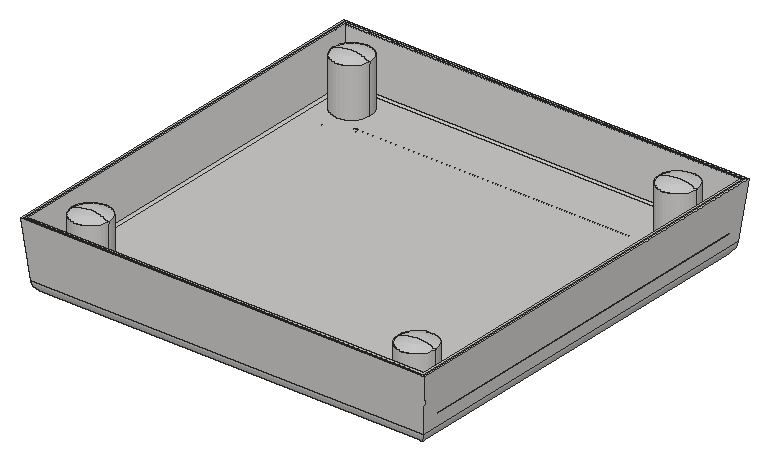
Revit family "NLRS_33_GM_FB_TC_STORAX_vloerluik_BV_BCB", category Generic Models, host Face, Revit 2014
Parameters (values of type "maatwerk")
  vullen_met_beton = "ja"  # constant formula
  vergrendeling = "nee"  # constant formula
  uitwendige_lengte = 435 mm
  uitwendige_breedte = 435 mm
  sluiting = "4"  # constant formula
  scharnierend = "nee"  # constant formula
  rubberen_afdichting = "enkel"  # constant formula
  productgroep = "Vloerluiken"  # constant formula
  materiaal = bcb_staal
  inbouwhoogte [instance] = 75 mm
  geïsoleerd = "nee"  # constant formula
  gewicht = "10"
  gasdrukveer = "nee"  # constant formula
  brandwerend 90 min = "nee"  # constant formula
  binnenmaat_lengte = uitwendige_lengte - 135 mm  # 300 mm
  binnenmaat_breedte = uitwendige_breedte - 135 mm  # 300 mm
  binnenluik = "tbv betonvulling"  # constant formula
  belasting = "125 kN"  # constant formula
  URL = "http://www.storax.nl/producten/Staal/181/Type-BV"
  Model = "BV"  # constant formula
  Manufacturer = "Storax"  # constant formula
  Default Elevation = 1219.2 mm
Types (12, lengths in mm): name | uitwendige_lengte | uitwendige_breedte | gewicht | binnenmaat_lengte | binnenmaat_breedte
  (no name) | 435 | 435 | "10" | 300 | 300
  BV 33 | 435 | 435 | "10" | 300 | 300
  BV 45 | 585 | 585 | "16" | 450 | 450
  BV 55 | 685 | 685 | "17" | 550 | 550
  BV 64 | 535 | 735 | "17" | 400 | 600
  BV 66 | 735 | 735 | "21" | 600 | 600
  BV 86 | 735 | 935 | "27" | 600 | 800
  BV 88 | 935 | 935 | "31" | 800 | 800
  BV 106 | 735 | 1135 | "31" | 600 | 1000
  BV 108 | 935 | 1135 | "37" | 800 | 1000
  BV 110 | 1135 | 1135 | "42" | 1000 | 1000
  maatwerk | 435 | 435 | "10" | 300 | 300
Reference planes
  plane 1 "Center (Front/Back)": y = 0
  plane 2: z = 0
  plane 3 "Center (Left/Right)": x = 0
  plane 4: y = 217.5
  plane 5: y = -217.5
  plane 6: x = 217.5
  plane 7: x = -217.5
  plane 8: z = -75
  plane 9: x = -175.5
  plane 10: y = 175.5
  plane 11: y = -175.5
  plane 12: x = 175.5
  plane 13: x = -55.5
  plane 14: x = 55.5
  plane 15: y = -55.5
  plane 16: y = 55.5
Forms (mm)
  Sweep 1, solid, material "bcb_staal" <- "materiaal", detail levels medium+fine
    path origin (0, 0, 0) x (1, 0, 0) y (0, 1, 0)
      loop
        line (-217.5, 217.5) -> (-217.5, -217.5) -> (217.5, -217.5) -> (217.5, 217.5) -> (-217.5, 217.5)
    profile origin (-217.5, 0, 0) x (-1, 0, 0) y (0, 0, 1)
      loop
        line (0, 0) -> (-2.01, 0) -> (-8.062, -60.739)
        arc (-8.062, -60.739) -> (-19.025, -71.913) -> (-32.302, -63.62) r 12.5
        line (-32.302, -63.62) -> (-34.724, -56.679)
        arc (-34.724, -56.679) -> (-38.41, -54.001) -> (-42.212, -56.51) r 4
        line (-42.212, -56.51) -> (-44.362, -61.868)
        arc (-44.362, -61.868) -> (-48.269, -64.946) -> (-52.899, -63.13) r 5
        line (-52.899, -63.13) -> (-56.64, -57.982)
        arc (-56.64, -57.982) -> (-63.349, -55.792) -> (-67.5, -61.5) r 6
        line (-67.5, -61.5) -> (-67.5, -75) -> (-65.5, -75) -> (-65.5, -61.5)
        arc (-65.5, -61.5) -> (-62.734, -57.695) -> (-58.262, -59.152) r 4
        line (-58.262, -59.152) -> (-54.667, -64.109)
        arc (-54.667, -64.109) -> (-48.142, -66.947) -> (-42.504, -62.607) r 7
        line (-42.504, -62.607) -> (-40.356, -57.255)
        arc (-40.356, -57.255) -> (-38.451, -56.001) -> (-36.61, -57.346) r 2
        line (-36.61, -57.346) -> (-34.19, -64.279)
        arc (-34.19, -64.279) -> (-18.789, -73.899) -> (-6.071, -60.938) r 14.5
        line (-6.071, -60.938) -> (0, 0)
  Sweep 2, solid, material "bcb_staal" <- "materiaal", detail levels medium+fine
    path origin (0, 0, 0) x (1, 0, 0) y (0, 1, 0)
      loop
        line (-217.5, 217.5) -> (-217.5, -217.5) -> (217.5, -217.5) -> (217.5, 217.5) -> (-217.5, 217.5)
    profile origin (-217.5, 0, 0) x (-1, 0, 0) y (0, 0, 1)
      loop
        line (-10.487, -50.628) -> (-2.484, 0) -> (-4.5, 0) -> (-12.438, -50.313)
        arc (-12.438, -50.313) -> (-13.121, -51.538) -> (-14.437, -52.024) r 2.024
        line (-14.437, -52.024) -> (-67.5, -52.024) -> (-67.5, -53.988) -> (-14.751, -53.988)
        arc (-14.751, -53.988) -> (-11.962, -53.142) -> (-10.487, -50.628) r 4
  Sweep 3, solid, material "bcb_staal" <- "materiaal", detail levels coarse
    path origin (0, 0, 0) x (1, 0, 0) y (0, 1, 0)
      loop
        line (-217.5, 217.5) -> (-217.5, -217.5) -> (217.5, -217.5) -> (217.5, 217.5) -> (-217.5, 217.5)
    profile origin (-217.5, 0, 0) x (-1, 0, 0) y (0, 0, 1)
      loop
        line (0, 0) -> (-4.5, 0) -> (-12.74, -52.024) -> (-67.5, -52.024) -> (-67.5, -75) -> (-7.473, -75) -> (0, 0)
  Extrusion 4, solid, material "bcb_staal" <- "materiaal", detail levels medium+fine
    sketch origin (0, 0, 0) x (1, 0, 0) y (0, 1, 0)
      loop
        line (-150, 150) -> (-150, -150) -> (150, -150) -> (150, 150) -> (-150, 150)
    from -53.988 to -52
  Extrusion 5, solid, material "bcb_staal" <- "materiaal", detail levels coarse
    sketch origin (0, 0, 0) x (1, 0, 0) y (0, 1, 0)
      loop
        line (-150, 150) -> (-150, -150) -> (150, -150) -> (150, 150) -> (-150, 150)
    from -75 to -52.024
  Extrusion 6, void
    sketch origin (0, 0, 0) x (1, 0, 0) y (0, 1, 0)
      loop
        line (-55.5, -55.5) -> (55.5, -55.5) -> (55.5, 55.5) -> (-55.5, 55.5) -> (-55.5, -55.5)
    from -500 to 10
  Sweep 7, void
    path origin (0, 0, 0) x (1, 0, 0) y (0, 1, 0)
      loop
        line (-217.5, 217.5) -> (-217.5, -217.5) -> (217.5, -217.5) -> (217.5, 217.5) -> (-217.5, 217.5)
    profile origin (-217.5, 0, 0) x (-1, 0, 0) y (0, 0, 1)
      loop
        line (0.498, 5) -> (-162, 5) -> (-162, -365) -> (-65.5, -365) -> (-65.5, -75) -> (-7.473, -75) -> (0.498, 5)
Cuts and joins
  joined: Sweep 2, Extrusion 4
  joined: Sweep 3, Extrusion 5
Text (mm)
  text "Indien u deze familie geopend hebt vanuit het project via Edit Family: Niet Opslaan!\n\nOpen de familie via File - Open Family om de familie aan te passen.\n\n\n\nMocht u zelf aanpassingen willen aanbrengen in een type van de family, \n\npak dan het type maatwerk en neem contact op met Storax." at (-0.374, 589.999, 0), in view "Ref. Level"
Dimensions and locks
  equal spacing: plane 7, plane 3 "Center (Left/Right)", plane 6
  "uitwendige_breedte": plane 7 to plane 6
  equal spacing: plane 4, plane 1 "Center (Front/Back)", plane 5
  "uitwendige_lengte": plane 4 to plane 5
  locked: plane 4 to plane 10 at 42
  locked: plane 7 to plane 9 at 42
  locked: plane 12 to plane 6 at 42
  locked: plane 5 to plane 11 at 42
  locked: plane 9 to plane 13 at 120
  locked: plane 14 to plane 12 at 120
  locked: plane 15 to plane 11 at 120
  locked: plane 10 to plane 16 at 120
  aligned and locked: plane 2 to host face
  aligned and locked: level to host face
  aligned and locked: Sweep 1 sketch curve to plane 4
  aligned and locked: plane 7 to Sweep 1 sketch curve
  aligned and locked: plane 5 to Sweep 1 sketch curve
  aligned and locked: Sweep 1 sketch curve to plane 6
  aligned and locked: Sweep 2 sketch curve to Sweep 1  (x4)
  aligned and locked: Sweep 3 sketch curve to Sweep 1  (x4)
  aligned and locked: Extrusion 4 sketch curve to Sweep 1  (x4)
  aligned and locked: Extrusion 5 sketch curve to Sweep 3  (x2)
  aligned and locked: Extrusion 5 sketch curve to Sweep 1  (x2)
  aligned and locked: plane 3 "Center (Left/Right)" to nested 1
  aligned and locked: nested 1 to plane 2
  aligned and locked: plane 9 to nested 2
  aligned and locked: nested 2 to plane 10
  aligned and locked: nested 3 to plane 12
  aligned and locked: plane 10 to nested 3
  aligned and locked: plane 11 to nested 4
  aligned and locked: nested 4 to plane 9
  aligned and locked: nested 5 to plane 11
  aligned and locked: plane 12 to nested 5
  aligned and locked: nested 6 to plane 1 "Center (Front/Back)"
  aligned and locked: nested 6 to plane 2
  aligned and locked: Extrusion 6 to plane 16
  aligned and locked: Extrusion 6 to plane 14
  aligned and locked: Extrusion 6 to plane 15
  aligned and locked: Extrusion 6 to plane 13
  aligned and locked: Sweep 7 sketch curve to plane 4
  aligned and locked: Sweep 7 sketch curve to plane 6
  aligned and locked: plane 5 to Sweep 7 sketch curve
  aligned and locked: plane 7 to Sweep 7 sketch curve
Automatic sketch dimensions
  host sketch curve to host sketch curve = 2000 mm  (x2)
  Sweep 1 sketch curve to profile plane = 0 mm
  profile plane to Sweep 1 sketch curve = 6.071 mm
  Sweep 1 sketch curve to Sweep 1 sketch curve = 1.99 mm
  Sweep 1 sketch curve to Sweep 1 sketch curve = 12.438 mm
  Sweep 1 sketch curve to Sweep 1 sketch curve = 0 mm  (x6)
  Sweep 1 sketch curve to Sweep 1 sketch curve = 11.802 mm
  Sweep 1 sketch curve to Sweep 1 sketch curve = 1.888 mm
  Sweep 1 sketch curve to Sweep 1 sketch curve = 2.423 mm
  Sweep 1 sketch curve to Sweep 1 sketch curve = 1.886 mm
  Sweep 1 sketch curve to Sweep 1 sketch curve = 1.89 mm
  Sweep 1 sketch curve to Sweep 1 sketch curve = 1.856 mm  (x2)
  Sweep 1 sketch curve to Sweep 1 sketch curve = 2.147 mm
  Sweep 1 sketch curve to Sweep 1 sketch curve = 1.858 mm
  Sweep 1 sketch curve to Sweep 1 sketch curve = 4.638 mm
  Sweep 1 sketch curve to Sweep 1 sketch curve = 3.899 mm
  Sweep 1 sketch curve to Sweep 1 sketch curve = 1.768 mm
  Sweep 1 sketch curve to Sweep 1 sketch curve = 3.741 mm
  Sweep 1 sketch curve to Sweep 1 sketch curve = 1.622 mm
  Sweep 1 sketch curve to Sweep 1 sketch curve = 3.238 mm
  Sweep 1 sketch curve to Sweep 1 sketch curve = 4 mm
  Sweep 1 sketch curve to Sweep 1 sketch curve = 2 mm
  Sweep 1 sketch curve to level = 56.51 mm
  Sweep 1 sketch curve to Sweep 1 sketch curve = 0.169 mm
  Sweep 1 sketch curve to Sweep 1 sketch curve = 0.745 mm
  Sweep 1 sketch curve to Sweep 1 sketch curve = 0.654 mm
  Sweep 1 sketch curve to Sweep 1 sketch curve = 1.471 mm
  Sweep 1 sketch curve to Sweep 1 sketch curve = 1.17 mm
  Sweep 1 sketch curve to Sweep 1 sketch curve = 2.821 mm
  Sweep 1 sketch curve to Sweep 1 sketch curve = 3.49 mm
  Sweep 1 sketch curve to Sweep 1 sketch curve = 1.239 mm
  Sweep 1 sketch curve to Sweep 1 sketch curve = 0.198 mm
  Sweep 1 sketch curve to Sweep 1 sketch curve = 1.867 mm
  Sweep 1 sketch curve to Sweep 1 sketch curve = 0.739 mm
  Sweep 1 sketch curve to Sweep 1 sketch curve = 13.5 mm
  profile plane to Sweep 1 sketch curve = 2.01 mm
  Sweep 1 sketch curve to Sweep 1 sketch curve = 60.938 mm
  Sweep 2 sketch curve to level = 0 mm
  profile plane to Sweep 2 sketch curve = 14.751 mm
  Sweep 2 sketch curve to Sweep 2 sketch curve = 0.313 mm  (x2)
  Sweep 2 sketch curve to Sweep 2 sketch curve = 0 mm  (x2)
  Sweep 2 sketch curve to Sweep 2 sketch curve = 1.95 mm
  Sweep 2 sketch curve to Sweep 2 sketch curve = 0.315 mm
  Sweep 2 sketch curve to Sweep 2 sketch curve = 53.063 mm
  profile plane to Sweep 2 sketch curve = 4.5 mm
  Sweep 2 sketch curve to Sweep 2 sketch curve = 2.016 mm
  Sweep 2 sketch curve to level = 52.024 mm
  Sweep 2 sketch curve to Sweep 2 sketch curve = 1.963 mm
  Sweep 3 sketch curve to level = 0 mm
  Sweep 3 sketch curve to profile plane = 0 mm
  profile plane to Sweep 3 sketch curve = 4.5 mm
  profile plane to Sweep 3 sketch curve = 12.74 mm
  Sweep 3 sketch curve to Sweep 3 sketch curve = 54.76 mm
  Sweep 3 sketch curve to level = 52.024 mm
  profile plane to Sweep 3 sketch curve = 7.473 mm
  Sweep 3 sketch curve to Sweep 3 sketch curve = 22.976 mm
  Extrusion 6 sketch curve to plane 11 = 120 mm
  Extrusion 6 sketch curve to plane 1 "Center (Front/Back)" = 55.5 mm
  Extrusion 6 sketch curve to plane 13 = 0 mm
  Extrusion 6 sketch curve to plane 14 = 0 mm
  level to Sweep 7 sketch curve = 5 mm
  profile plane to Sweep 7 sketch curve = 162 mm
  profile plane to Sweep 7 sketch curve = 65.5 mm
  profile plane to Sweep 7 sketch curve = 7.473 mm
  Sweep 7 sketch curve to profile plane = 0.498 mm
  Sweep 7 sketch curve to level = 75 mm
  Sweep 7 sketch curve to Sweep 7 sketch curve = 290 mm
Nested families
  nested 1: "NLRS_33_GM_FB_TC_STORAX_vloerluik_BV_BCB_Detail_Component" at (0, 0, 0) x (1, 0, 0) z (0, -1, 0), breedte <- "uitwendige_breedte", type "NLRS_33_GM_FB_TC_STORAX_vloerluik_BV_BCB_Detail_Component"
    with breedte 435 mm
  nested 2: "NLRS_33_GM_FB_TC_STORAX_vloerluik_BV_BCB_Inbusbout" at (-175.5, 175.5, -52.024), type "NLRS_33_GM_FB_TC_STORAX_vloerluik_BV_BCB_Inbusbout"
  nested 3: "NLRS_33_GM_FB_TC_STORAX_vloerluik_BV_BCB_Inbusbout" at (175.5, 175.5, -52.024) x (-1, 0, 0) z (0, 0, 1), type "NLRS_33_GM_FB_TC_STORAX_vloerluik_BV_BCB_Inbusbout"
  nested 4: "NLRS_33_GM_FB_TC_STORAX_vloerluik_BV_BCB_Inbusbout" at (-175.5, -175.5, -52.024), type "NLRS_33_GM_FB_TC_STORAX_vloerluik_BV_BCB_Inbusbout"
  nested 5: "NLRS_33_GM_FB_TC_STORAX_vloerluik_BV_BCB_Inbusbout" at (175.5, -175.5, -52.024) x (-1, 0, 0) z (0, 0, 1), type "NLRS_33_GM_FB_TC_STORAX_vloerluik_BV_BCB_Inbusbout"
  nested 6: "NLRS_33_GM_FB_TC_STORAX_vloerluik_BV_BCB_Detail_Component" at (0, 0, 0) x (0, 1, 0) z (1, 0, 0), breedte <- "uitwendige_lengte", type "NLRS_33_GM_FB_TC_STORAX_vloerluik_BV_BCB_Detail_Component"
    with breedte 435 mm
Definition of nested family "NLRS_33_GM_FB_TC_STORAX_vloerluik_BV_BCB_Inbusbout"
  Parameters (values of type "NLRS_33_GM_FB_TC_STORAX_vloerluik_BV_BCB_Inbusbout")
    materiaal = bcb_staal
    Default Elevation = 1219.2 mm
  Reference planes
    plane 1 "Center (Front/Back)": y = 0
    plane 2: z = 0
    plane 3 "Center (Left/Right)": x = 0
  Forms (mm)
    Extrusion 1, solid, not visible
      sketch origin (0, 0, 0) x (1, 0, 0) y (0, 1, 0)
        loop
          line (-250, 250) -> (-250, -250) -> (250, -250) -> (250, 250) -> (-250, 250)
      from 0 to -100
    Extrusion 2, solid, material "bcb_staal" <- "materiaal", detail levels medium+fine
      sketch origin (0, 0, 0) x (1, 0, 0) y (0, 1, 0)
        loop
          circle (0, 0) r 20
      from 0 to 52
    Revolve 3, solid, material "bcb_kunststof", detail levels medium+fine
      sketch origin (0, 0, 0) x (1, 0, 0) y (0, 0, 1)
        loop
          line (-20, 52) -> (0, 52) -> (0, 56)
          arc (0, 56) -> (-10.198, 54.99) -> (-20, 52) r 52
        axis (0, 56) -> (0, 52)
      angle from 0 to 360
  Dimensions and locks
    aligned and locked: plane 2 to Extrusion 1
    aligned and locked: level to Extrusion 1
Definition of nested family "NLRS_33_GM_FB_TC_STORAX_vloerluik_BV_BCB_Detail_Component"
  Parameters (values of type "NLRS_33_GM_FB_TC_STORAX_vloerluik_BV_BCB_Detail_Component")
    breedte [instance] = 435 mm
  Reference planes
    plane 1 "Center (Front/Back)": y = 0
    plane 2: z = 0
    plane 3 "Center (Left/Right)": x = 0
    plane 4: x = -217.5
    plane 5: x = 217.5
    plane 6: y = 100
    plane 7: y = -75
  Lines and regions (mm)
    Filled region 1, type "BCB Staal", in view "Ref. Level", detail levels medium+fine
      outline origin (0, 0, 0) x (1, 0, 0) y (0, 1, 0)
        loop
          line (-217.5, 0) -> (-211.429, -60.938)
          arc (-211.429, -60.938) -> (-198.711, -73.899) -> (-183.31, -64.279) r 14.5
          line (-183.31, -64.279) -> (-180.89, -57.346)
          arc (-180.89, -57.346) -> (-179.049, -56.001) -> (-177.144, -57.255) r 2
          line (-177.144, -57.255) -> (-174.996, -62.607)
          arc (-174.996, -62.607) -> (-169.358, -66.947) -> (-162.833, -64.109) r 7
          line (-162.833, -64.109) -> (-159.24, -59.154)
          arc (-159.24, -59.154) -> (-154.767, -57.695) -> (-152, -61.5) r 4
          line (-152, -61.5) -> (-152, -75) -> (-150, -75) -> (-150, -61.5)
          arc (-150, -61.5) -> (-154.151, -55.792) -> (-160.86, -57.982) r 6
          line (-160.86, -57.982) -> (-164.601, -63.13)
          arc (-164.601, -63.13) -> (-169.231, -64.946) -> (-173.138, -61.868) r 5
          line (-173.138, -61.868) -> (-175.288, -56.51)
          arc (-175.288, -56.51) -> (-179.09, -54.001) -> (-182.776, -56.679) r 4
          line (-182.776, -56.679) -> (-185.198, -63.62)
          arc (-185.198, -63.62) -> (-198.475, -71.913) -> (-209.438, -60.739) r 12.5
          line (-209.438, -60.739) -> (-215.49, 0) -> (-217.5, 0)
    Filled region 2, type "BCB Rubber", in view "Ref. Level", detail levels medium+fine
      outline origin (0, 0, 0) x (1, 0, 0) y (0, 1, 0)
        loop
          arc (-160.052, -57.075) -> (-160.524, -54.949) -> (-162.485, -54) r 2.5
          line (-162.485, -54) -> (-178.975, -54)
          arc (-178.975, -54) -> (-176.749, -54.694) -> (-175.288, -56.51) r 4
          line (-175.288, -56.51) -> (-173.138, -61.868)
          arc (-173.138, -61.868) -> (-169.231, -64.946) -> (-164.601, -63.13) r 5
          line (-164.601, -63.13) -> (-160.86, -57.982)
          arc (-160.86, -57.982) -> (-160.479, -57.508) -> (-160.052, -57.075) r 6
    Filled region 3, type "BCB Staal", in view "Ref. Level", detail levels medium+fine
      outline origin (0, 0, 0) x (1, 0, 0) y (0, 1, 0)
        loop
          line (-213, 0) -> (-215.016, 0) -> (-207.013, -50.628)
          arc (-207.013, -50.628) -> (-205.538, -53.142) -> (-202.749, -53.988) r 4
          line (-202.749, -53.988) -> (203.063, -53.988)
          arc (203.063, -53.988) -> (205.651, -53.033) -> (207, -50.626) r 3.987
          line (207, -50.626) -> (215, 0) -> (212.969, 0) -> (205.038, -50.32)
          arc (205.038, -50.32) -> (204.359, -51.524) -> (203.063, -52.024) r 2.001
          line (203.063, -52.024) -> (-203.063, -52.024)
          arc (-203.063, -52.024) -> (-204.379, -51.538) -> (-205.063, -50.313) r 2.024
          line (-205.063, -50.313) -> (-213, 0)
    Filled region 4, type "BCB Staal", in view "Ref. Level", detail levels medium+fine
      outline origin (0, 0, 0) x (1, 0, 0) y (0, 1, 0)
        loop
          line (185.198, -63.62) -> (182.776, -56.679)
          arc (182.776, -56.679) -> (179.09, -54.001) -> (175.288, -56.51) r 4
          line (175.288, -56.51) -> (173.138, -61.868)
          arc (173.138, -61.868) -> (169.231, -64.946) -> (164.601, -63.13) r 5
          line (164.601, -63.13) -> (160.86, -57.982)
          arc (160.86, -57.982) -> (154.151, -55.792) -> (150, -61.5) r 6
          line (150, -61.5) -> (150, -75) -> (152, -75) -> (152, -61.5)
          arc (152, -61.5) -> (154.767, -57.695) -> (159.24, -59.154) r 4
          line (159.24, -59.154) -> (162.833, -64.109)
          arc (162.833, -64.109) -> (169.358, -66.947) -> (174.996, -62.607) r 7
          line (174.996, -62.607) -> (177.144, -57.255)
          arc (177.144, -57.255) -> (179.049, -56.001) -> (180.89, -57.346) r 2
          line (180.89, -57.346) -> (183.31, -64.279)
          arc (183.31, -64.279) -> (198.711, -73.899) -> (211.429, -60.938) r 14.5
          line (211.429, -60.938) -> (217.5, 0) -> (215.49, 0) -> (209.438, -60.739)
          arc (209.438, -60.739) -> (198.475, -71.913) -> (185.198, -63.62) r 12.5
    Filled region 5, type "BCB Rubber", in view "Ref. Level", detail levels medium+fine
      outline origin (0, 0, 0) x (1, 0, 0) y (0, 1, 0)
        loop
          arc (162.485, -54) -> (160.524, -54.949) -> (160.052, -57.075) r 2.5
          arc (160.052, -57.075) -> (160.479, -57.508) -> (160.86, -57.982) r 6
          line (160.86, -57.982) -> (164.601, -63.13)
          arc (164.601, -63.13) -> (169.231, -64.946) -> (173.138, -61.868) r 5
          line (173.138, -61.868) -> (175.288, -56.51)
          arc (175.288, -56.51) -> (176.746, -54.695) -> (178.968, -54) r 4
          line (178.968, -54) -> (162.485, -54)
    Masking region 1, in view "Ref. Level", detail levels medium+fine
      outline origin (0, 0, 0) x (1, 0, 0) y (0, 1, 0)
        loop
          line (-152, -75) -> (152, -75) -> (152, -74) -> (197, -74)
          arc (197, -74) -> (206.732, -70.249) -> (211.429, -60.938) r 14.5
          line (211.429, -60.938) -> (217.5, 0) -> (-217.5, 0) -> (-211.429, -60.938)
          arc (-211.429, -60.938) -> (-206.732, -70.249) -> (-197, -74) r 14.5
          line (-197, -74) -> (-152, -74) -> (-152, -75)
  Text (mm)
    text "Meer informatie nodig om tot een goed detail te komen.\n\n\n\nPDF van de website bevat meer informatie, dit zouden wij graag tegemoet zien in DWG-formaat." at (4.418, -12.363, 0), in view "Ref. Level"
  Dimensions and locks
    equal spacing: plane 4, plane 3 "Center (Left/Right)", plane 5
    "breedte": plane 4 to plane 5
  Automatic sketch dimensions
    plane 1 "Center (Front/Back)" to Filled region 1 sketch curve = 0 mm
    Filled region 1 sketch curve to plane 4 = 0 mm
    plane 4 to Filled region 1 sketch curve = 6.071 mm
    Filled region 1 sketch curve to Filled region 1 sketch curve = 1.99 mm
    Filled region 1 sketch curve to Filled region 1 sketch curve = 12.438 mm
    Filled region 1 sketch curve to Filled region 1 sketch curve = 0 mm  (x6)
    plane 7 to Filled region 1 sketch curve = 11.38 mm
    Filled region 1 sketch curve to Filled region 1 sketch curve = 11.802 mm
    plane 7 to Filled region 1 sketch curve = 10.721 mm
    Filled region 1 sketch curve to Filled region 1 sketch curve = 1.888 mm
    Filled region 1 sketch curve to Filled region 1 sketch curve = 2.423 mm
    plane 7 to Filled region 1 sketch curve = 17.654 mm
    Filled region 1 sketch curve to Filled region 1 sketch curve = 1.886 mm
    Filled region 1 sketch curve to Filled region 1 sketch curve = 1.89 mm
    plane 7 to Filled region 1 sketch curve = 17.745 mm
    Filled region 1 sketch curve to Filled region 1 sketch curve = 1.856 mm  (x2)
    plane 7 to Filled region 1 sketch curve = 18.49 mm
    plane 7 to Filled region 1 sketch curve = 12.393 mm
    Filled region 1 sketch curve to Filled region 1 sketch curve = 2.147 mm
    plane 7 to Filled region 1 sketch curve = 13.132 mm
    Filled region 1 sketch curve to Filled region 1 sketch curve = 1.858 mm
    Filled region 1 sketch curve to Filled region 1 sketch curve = 4.638 mm
    plane 7 to Filled region 1 sketch curve = 11.87 mm
    Filled region 1 sketch curve to Filled region 1 sketch curve = 3.899 mm
    plane 7 to Filled region 1 sketch curve = 10.891 mm
    Filled region 1 sketch curve to Filled region 1 sketch curve = 1.768 mm
    plane 7 to Filled region 1 sketch curve = 17.018 mm
    Filled region 1 sketch curve to Filled region 1 sketch curve = 3.74 mm
    plane 7 to Filled region 1 sketch curve = 15.846 mm
    Filled region 1 sketch curve to Filled region 1 sketch curve = 1.621 mm
    Filled region 1 sketch curve to Filled region 1 sketch curve = 3.24 mm
    plane 7 to Filled region 1 sketch curve = 13.5 mm  (x2)
    Filled region 1 sketch curve to Filled region 1 sketch curve = 4 mm
    plane 7 to Filled region 1 sketch curve = 0 mm
    Filled region 1 sketch curve to Filled region 1 sketch curve = 2 mm  (x2)
    plane 7 to Filled region 1 sketch curve = 14.062 mm
    Filled region 1 sketch curve to Filled region 1 sketch curve = 0.198 mm
    plane 4 to Filled region 1 sketch curve = 2.01 mm
    plane 7 to Filled region 2 sketch curve = 17 mm
    plane 4 to Filled region 2 sketch curve = 38.5 mm
    Filled region 2 sketch curve to Filled region 2 sketch curve = 0.025 mm
    plane 7 to Filled region 2 sketch curve = 18.49 mm
    Filled region 2 sketch curve to Filled region 2 sketch curve = 3.712 mm
    plane 7 to Filled region 2 sketch curve = 13.132 mm
    Filled region 2 sketch curve to Filled region 2 sketch curve = 2.15 mm
    Filled region 2 sketch curve to Filled region 2 sketch curve = 4.638 mm
    plane 7 to Filled region 2 sketch curve = 11.87 mm
    Filled region 2 sketch curve to Filled region 2 sketch curve = 3.899 mm
    Filled region 2 sketch curve to Filled region 2 sketch curve = 2.116 mm
    plane 7 to Filled region 2 sketch curve = 17.018 mm
    Filled region 2 sketch curve to Filled region 2 sketch curve = 1.624 mm
    Filled region 2 sketch curve to Filled region 2 sketch curve = 4.86 mm
    Filled region 2 sketch curve to Filled region 2 sketch curve = 3.518 mm
    Filled region 2 sketch curve to Filled region 2 sketch curve = 1.482 mm
    Filled region 2 sketch curve to Filled region 2 sketch curve = 0 mm  (x3)
    Filled region 2 sketch curve to Filled region 2 sketch curve = 0.809 mm
    plane 1 "Center (Front/Back)" to Filled region 3 sketch curve = 0 mm  (x2)
    plane 4 to Filled region 3 sketch curve = 10.487 mm
    Filled region 3 sketch curve to Filled region 3 sketch curve = 1.95 mm
    Filled region 3 sketch curve to Filled region 3 sketch curve = 2 mm
    Filled region 3 sketch curve to Filled region 3 sketch curve = 0 mm  (x5)
    Filled region 3 sketch curve to Filled region 3 sketch curve = 0.313 mm  (x2)
    Filled region 3 sketch curve to plane 5 = 14.437 mm
    Filled region 3 sketch curve to Filled region 3 sketch curve = 1.975 mm
    Filled region 3 sketch curve to Filled region 3 sketch curve = 1.962 mm
    Filled region 3 sketch curve to plane 5 = 4.531 mm
    Filled region 3 sketch curve to Filled region 3 sketch curve = 2.031 mm
    plane 7 to Filled region 3 sketch curve = 25 mm  (x2)
    Filled region 3 sketch curve to Filled region 3 sketch curve = 0.001 mm
    Filled region 3 sketch curve to Filled region 3 sketch curve = 0.319 mm
    Filled region 3 sketch curve to Filled region 3 sketch curve = 0.306 mm
    plane 4 to Filled region 3 sketch curve = 4.5 mm
    Filled region 3 sketch curve to Filled region 3 sketch curve = 2.016 mm
    Filled region 4 sketch curve to plane 7 = 0 mm
    plane 1 "Center (Front/Back)" to Filled region 4 sketch curve = 0 mm
    Filled region 4 sketch curve to plane 5 = 0 mm
    Filled region 4 sketch curve to plane 5 = 6.071 mm
    Filled region 4 sketch curve to Filled region 4 sketch curve = 1.99 mm
    Filled region 4 sketch curve to Filled region 4 sketch curve = 12.438 mm
    Filled region 4 sketch curve to Filled region 4 sketch curve = 0 mm  (x5)
    plane 7 to Filled region 4 sketch curve = 11.38 mm
    Filled region 4 sketch curve to Filled region 4 sketch curve = 11.802 mm
    plane 7 to Filled region 4 sketch curve = 10.721 mm
    Filled region 4 sketch curve to Filled region 4 sketch curve = 1.888 mm
    Filled region 4 sketch curve to Filled region 4 sketch curve = 2.423 mm
    Filled region 4 sketch curve to Filled region 4 sketch curve = 1.886 mm
    Filled region 4 sketch curve to Filled region 4 sketch curve = 1.89 mm
    plane 7 to Filled region 4 sketch curve = 17.745 mm
    Filled region 4 sketch curve to Filled region 4 sketch curve = 1.856 mm  (x2)
    plane 7 to Filled region 4 sketch curve = 18.49 mm
    plane 7 to Filled region 4 sketch curve = 12.393 mm
    Filled region 4 sketch curve to Filled region 4 sketch curve = 2.147 mm
    plane 7 to Filled region 4 sketch curve = 13.132 mm
    Filled region 4 sketch curve to Filled region 4 sketch curve = 1.858 mm
    Filled region 4 sketch curve to Filled region 4 sketch curve = 4.638 mm
    plane 7 to Filled region 4 sketch curve = 11.87 mm
    Filled region 4 sketch curve to Filled region 4 sketch curve = 3.899 mm
    plane 7 to Filled region 4 sketch curve = 10.891 mm
    Filled region 4 sketch curve to Filled region 4 sketch curve = 1.768 mm
    plane 7 to Filled region 4 sketch curve = 17.018 mm
    Filled region 4 sketch curve to Filled region 4 sketch curve = 3.74 mm
    plane 7 to Filled region 4 sketch curve = 15.846 mm
    Filled region 4 sketch curve to Filled region 4 sketch curve = 1.621 mm
    Filled region 4 sketch curve to Filled region 4 sketch curve = 3.24 mm
    Filled region 4 sketch curve to Filled region 4 sketch curve = 4 mm
    Filled region 4 sketch curve to Filled region 4 sketch curve = 2 mm
    plane 7 to Filled region 4 sketch curve = 14.062 mm
    Filled region 4 sketch curve to Filled region 4 sketch curve = 0.198 mm
    Filled region 4 sketch curve to Filled region 4 sketch curve = 0.745 mm
    Filled region 4 sketch curve to Filled region 4 sketch curve = 2.01 mm
    plane 7 to Filled region 5 sketch curve = 13.5 mm
    Filled region 5 sketch curve to plane 5 = 61.5 mm
    plane 7 to Filled region 5 sketch curve = 17.018 mm
    Filled region 5 sketch curve to Filled region 5 sketch curve = 4.86 mm
    Filled region 5 sketch curve to Filled region 5 sketch curve = 1.624 mm
    plane 7 to Filled region 5 sketch curve = 11.87 mm
    Filled region 5 sketch curve to Filled region 5 sketch curve = 3.74 mm
    Filled region 5 sketch curve to Filled region 5 sketch curve = 3.899 mm
    plane 7 to Filled region 5 sketch curve = 13.132 mm
    Filled region 5 sketch curve to Filled region 5 sketch curve = 4.638 mm
    Filled region 5 sketch curve to Filled region 5 sketch curve = 2.15 mm
    Filled region 5 sketch curve to Filled region 5 sketch curve = 3.68 mm
    Filled region 5 sketch curve to Filled region 5 sketch curve = 3.712 mm
    Filled region 5 sketch curve to Filled region 5 sketch curve = 1.49 mm
    Filled region 5 sketch curve to Filled region 5 sketch curve = 1.482 mm
    Filled region 5 sketch curve to Filled region 5 sketch curve = 0.809 mm
    plane 1 "Center (Front/Back)" to Masking region 1 sketch curve = 0 mm
    Masking region 1 sketch curve to plane 4 = 0 mm
    Masking region 1 sketch curve to plane 7 = 0 mm
    Masking region 1 sketch curve to plane 5 = 65.5 mm
    plane 7 to Masking region 1 sketch curve = 1 mm
    plane 4 to Masking region 1 sketch curve = 65.5 mm
    Masking region 1 sketch curve to plane 5 = 20.5 mm
    Masking region 1 sketch curve to Masking region 1 sketch curve = 1 mm
    Masking region 1 sketch curve to Masking region 1 sketch curve = 14.5 mm
    Masking region 1 sketch curve to plane 5 = 6.071 mm
    Masking region 1 sketch curve to plane 5 = 0 mm
    plane 4 to Masking region 1 sketch curve = 6.071 mm
    plane 7 to Masking region 1 sketch curve = 14.062 mm
    Masking region 1 sketch curve to Masking region 1 sketch curve = 1.438 mm
